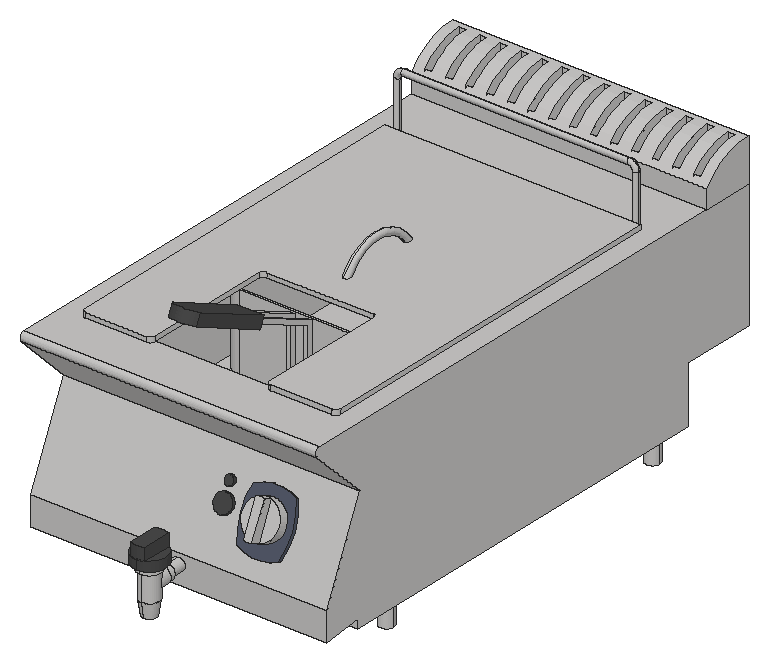
Revit family "QF_ELECTROLUXPROFESSIONAL_371140_E7FRED120N", category Specialty Equipment, Revit 2018
Family settings
  Round Connector Dimension = Use Diameter
  Part Type = Normal
  Work Plane-Based = No
  Always vertical = Yes
  Cut with Voids When Loaded = No
  Shared = No
  Room Calculation Point = No
Parameters
  Width = 400 mm  # constant formula
  Weight in Pounds = 66  # constant formula
  Watts = 5400 VA  # 5400 W
  Volts = 230 V  # constant formula
  URL Cutsheet = "www.electrolux.com/foodservice"
  URL = "www.electrolux.com/foodservice"
  Type Mark [instance] = ""
  Status [instance] = ""
  Specification by User [instance] = ""
  Specification by Manufacturer = ""
  Show Logo [instance] = yes
  Show Clearance [instance] = yes
  Serial Number = ""
  Seismic Rating = ""
  SMACNA No = ""
  Revision Code [instance] = ""
  Phase = 3  # constant formula
  Omniclass Number and Title = ""
  Number of Poles [instance] = 1
  NAFEM Spec ID Number = ""
  Model = "371140"
  Min Ckt Ampacity = 0 A
  Max Overcurrent Protection = 0 A
  Masterspec = ""
  Manufacturer = "ELECTROLUX"
  Item Number [instance] = ""
  Installed By [instance] = ""
  Identify Quantity as Lot [instance] = yes
  Height = 333 mm  # constant formula
  HP = "7.2 HP"
  Furnished By [instance] = ""
  Foodservice Equipment Identifier [instance] = yes
  FL Amps = if(Phase = 3, Watts / (Volts * 1.73), Watts / Volts)  # 13.5712 A
  Electrical Remarks [instance] = "230 V/3 ph/50/60 Hz"  # constant formula
  Electric Connection Type [instance] = ""
  Elec Conn RI Height [instance] = 0 mm
  Elec Conn Connection Height [instance] = 0 mm
  Direct Waste Size = 0"
  Description = "700XP One 7 Lt. Wells Electric Fryer Top - 230V"
  Depth = 730 mm  # constant formula
  Cycle = if([60 Hertz Option], 60 Hz, 50 Hz)  # 60 Hz
  Conn Plug = ""
  Conn Conduit = yes
  CSI MasterFormat = ""
  CSI Master Format = ""
  Base Height [instance] = 25.4 mm  # constant formula
  Apparent Power = if(Phase = 3, Volts * FL Amps * 1.73, Volts * FL Amps)  # 5400 VA
  60 Hertz Option = not([50 Hertz Option])  # yes
  50 Hertz Option = no
Reference planes
  plane 1 "BACK": y = 0
  plane 2: z = 0
  plane 3 "LEFT": x = 0
  plane 4 "RIGHT": x = 400
  plane 5 "FRONT": y = -730
  plane 6 "TOP": z = 333
  plane 7 "Center Y": x = 200
  plane 8 "Center X": y = -365
  plane 9 "BASE": z = 25.4
  plane 10 "TOP A": z = 274.638
  plane 11: y = -597.884
  plane 12: y = -147.637
Forms (mm)
  Extrusion 1, solid, material "QF_Finishes_Stainless Steel"
    sketch origin (0, 0, 0) x (0, 1, 0) y (0, 0, 1)
      loop
        line (0, 274.638) -> (-725.027, 274.638)
        arc (-725.027, 274.638) -> (-730.893, 270.718) -> (-729.517, 263.797) r 6.35
        line (-729.517, 263.797) -> (-657.416, 191.447) -> (-713.522, 70.59) -> (-713.522, 32.49) -> (-660.4, 38.1) -> (-660.4, 25.4) -> (-101.6, 25.4) -> (-101.6, 103.188) -> (0, 103.188) -> (0, 274.638)
    from 0 to 400
  Extrusion 2, solid, material "QF_Finishes_Stainless Steel"
    sketch origin (0, 0, 0) x (0, 1, 0) y (0, 0, 1)
      loop
        line (0, 274.638) -> (0, 333)
        arc (0, 333) -> (-38.795, 324.72) -> (-69.85, 300.038) r 86.758
        line (-69.85, 300.038) -> (-69.85, 274.638) -> (0, 274.638)
    from 0 to 400
  Extrusion 3, void
    sketch origin (0, 0, 274.638) x (-1, 0, 0) y (0, -1, 0)
      loop
        line (-33.338, 147.762) -> (-33.338, 655.762) -> (-366.662, 655.762) -> (-366.662, 147.762) -> (-33.338, 147.762)
    from 0 to -152.4
  Extrusion 4, solid, material "QF_Finishes_Stainless Steel"
    sketch origin (0, 0, 274.638) x (-1, 0, 0) y (0, -1, 0)
      loop
        arc (-26.988, 655.762) -> (-28.847, 660.252) -> (-33.338, 662.112) r 6.35
        line (-33.338, 662.112) -> (-115.863, 662.112)
        arc (-115.863, 662.112) -> (-120.353, 660.252) -> (-122.213, 655.762) r 6.35
        line (-122.213, 655.762) -> (-122.213, 481.137)
        arc (-122.213, 481.137) -> (-124.072, 476.646) -> (-128.563, 474.787) r 6.35
        line (-128.563, 474.787) -> (-271.412, 474.787)
        arc (-271.412, 474.787) -> (-275.903, 476.646) -> (-277.762, 481.137) r 6.35
        line (-277.762, 481.137) -> (-277.762, 655.762)
        arc (-277.762, 655.762) -> (-279.622, 660.252) -> (-284.112, 662.112) r 6.35
        line (-284.112, 662.112) -> (-366.662, 662.112)
        arc (-366.662, 662.112) -> (-371.153, 660.252) -> (-373.012, 655.762) r 6.35
        line (-373.012, 655.762) -> (-373.012, 147.762) -> (-26.988, 147.762) -> (-26.988, 655.762)
    from 0 to 6.35
  Sweep 5, solid, material "QF_Finishes_Stainless Steel"
    path origin (200, 0, 0) x (0, 1, 0) y (0, 0, 1)
      loop
        arc (-323.261, 274.638) -> (-377.7, 308.416) -> (-432.139, 274.638) r 60.757
    profile origin (200, -377.7, 308.416) x (0, 0, -1) y (1, 0, 0)
      loop
        circle (0, 0) r 4.353
  Sweep 6, solid, material "QF_Finishes_Stainless Steel"
    path origin (0, 0, 0) x (1, 0, 0) y (0, 0, 1)
      loop
        line (39.688, 274.263) -> (39.688, 339.35)
        arc (39.688, 339.35) -> (41.547, 343.84) -> (46.038, 345.7) r 6.35
        line (46.038, 345.7) -> (352.25, 345.7)
        arc (352.25, 345.7) -> (356.74, 343.84) -> (358.6, 339.35) r 6.35
        line (358.6, 339.35) -> (358.6, 274.263)
    profile origin (39.688, 0, 306.806) x (-1, 0, 0) y (0, -1, 0)
      loop
        circle (2.09, 140.754) r 3.827
  Extrusion 7, void
    sketch origin (0, 0, 274.638) x (-1, 0, 0) y (0, -1, 0)
      loop
        line (-13.453, 6.761) -> (-13.453, 63.911) -> (-22.749, 63.911) -> (-22.749, 6.761) -> (-13.453, 6.761)
    from 25.4 to 63.5
  Extrusion 8, void
    sketch origin (400.05, 0, 274.638) x (1, 0, 0) y (0, 1, 0)
      loop
        line (-13.503, -6.761) -> (-22.799, -6.761) -> (-22.799, -63.911) -> (-13.503, -63.911) -> (-13.503, -6.761)
    from 25.4 to 63.5
  Extrusion 9, void
    sketch origin (27.988, 0, 274.638) x (-1, 0, 0) y (0, -1, 0)
      loop
        line (-13.453, 6.761) -> (-13.453, 63.911) -> (-22.749, 63.911) -> (-22.749, 6.761) -> (-13.453, 6.761)
    from 25.4 to 63.5
  Extrusion 10, void
    sketch origin (55.977, 0, 274.638) x (-1, 0, 0) y (0, -1, 0)
      loop
        line (-13.453, 6.761) -> (-13.453, 63.911) -> (-22.749, 63.911) -> (-22.749, 6.761) -> (-13.453, 6.761)
    from 25.4 to 63.5
  Extrusion 11, void
    sketch origin (83.965, 0, 274.638) x (-1, 0, 0) y (0, -1, 0)
      loop
        line (-13.428, 6.761) -> (-13.428, 63.911) -> (-22.724, 63.911) -> (-22.724, 6.761) -> (-13.428, 6.761)
    from 25.4 to 63.5
  Extrusion 12, void
    sketch origin (111.953, 0, 274.638) x (-1, 0, 0) y (0, -1, 0)
      loop
        line (-13.428, 6.761) -> (-13.428, 63.911) -> (-22.724, 63.911) -> (-22.724, 6.761) -> (-13.428, 6.761)
    from 25.4 to 63.5
  Extrusion 13, void
    sketch origin (139.942, 0, 274.638) x (-1, 0, 0) y (0, -1, 0)
      loop
        line (-13.428, 6.761) -> (-13.428, 63.911) -> (-22.724, 63.911) -> (-22.724, 6.761) -> (-13.428, 6.761)
    from 25.4 to 63.5
  Extrusion 14, void
    sketch origin (167.93, 0, 274.638) x (-1, 0, 0) y (0, -1, 0)
      loop
        line (-13.428, 6.761) -> (-13.428, 63.911) -> (-22.724, 63.911) -> (-22.724, 6.761) -> (-13.428, 6.761)
    from 25.4 to 63.5
  Extrusion 15, void
    sketch origin (195.918, 0, 274.638) x (-1, 0, 0) y (0, -1, 0)
      loop
        line (-13.428, 6.761) -> (-13.428, 63.911) -> (-22.724, 63.911) -> (-22.724, 6.761) -> (-13.428, 6.761)
    from 25.4 to 63.5
  Extrusion 16, void
    sketch origin (223.907, 0, 274.638) x (-1, 0, 0) y (0, -1, 0)
      loop
        line (-13.428, 6.761) -> (-13.428, 63.911) -> (-22.724, 63.911) -> (-22.724, 6.761) -> (-13.428, 6.761)
    from 25.4 to 63.5
  Extrusion 17, void
    sketch origin (251.895, 0, 274.638) x (-1, 0, 0) y (0, -1, 0)
      loop
        line (-13.428, 6.761) -> (-13.428, 63.911) -> (-22.724, 63.911) -> (-22.724, 6.761) -> (-13.428, 6.761)
    from 25.4 to 63.5
  Extrusion 18, void
    sketch origin (279.884, 0, 274.638) x (-1, 0, 0) y (0, -1, 0)
      loop
        line (-13.403, 6.761) -> (-13.403, 63.911) -> (-22.699, 63.911) -> (-22.699, 6.761) -> (-13.403, 6.761)
    from 25.4 to 63.5
  Extrusion 19, void
    sketch origin (307.872, 0, 274.638) x (-1, 0, 0) y (0, -1, 0)
      loop
        line (-13.403, 6.761) -> (-13.403, 63.911) -> (-22.699, 63.911) -> (-22.699, 6.761) -> (-13.403, 6.761)
    from 25.4 to 63.5
  Extrusion 20, void
    sketch origin (335.86, 0, 274.638) x (-1, 0, 0) y (0, -1, 0)
      loop
        line (-13.403, 6.761) -> (-13.403, 63.911) -> (-22.699, 63.911) -> (-22.699, 6.761) -> (-13.403, 6.761)
    from 25.4 to 63.5
  Extrusion 21, solid, material "QF_Finishes_Stainless Steel"
    sketch origin (0, 0, 0) x (1, 0, 0) y (0, 1, 0)
      loop
        circle (11.112, -147.638) r 9.525
      loop
        circle (11.112, -597.884) r 9.525
      loop
        circle (388.887, -147.638) r 9.525
      loop
        circle (388.887, -597.884) r 9.525
    from 0 to 25.4
  Revolve 22, solid, material "QF_Finishes_Stainless Steel"
    sketch origin (200.025, 0, 0) x (0, 1, 0) y (0, 0, 1)
      loop
        line (-762.926, 17.277) -> (-753.917, 17.277) -> (-750.301, 37.788) -> (-750.301, 74.129) -> (-747.023, 74.129) -> (-747.023, 82.008) -> (-740.673, 82.008) -> (-740.673, 94.708) -> (-762.926, 94.708) -> (-762.926, 17.277)
      axis (-762.926, 17.277) -> (-762.926, 94.708)
    angle from 0 to 360
  Revolve 23, solid, material "QF_Finishes_Stainless Steel"
    sketch origin (200.025, 0, 0) x (0, 1, 0) y (0, 0, 1)
      loop
        line (-713.522, 57.15) -> (-764.322, 57.15) -> (-764.322, 44.847) -> (-742.357, 44.847) -> (-742.357, 46.549) -> (-733.364, 46.549) -> (-733.364, 48.596) -> (-713.522, 48.596) -> (-713.522, 57.15)
      axis (-764.322, 57.15) -> (-713.522, 57.15)
    angle from 0 to 360
  Extrusion 24, solid, material "QF_Finishes_Black"
    sketch origin (200.025, -762.926, 94.708) x (0, 1, 0) y (-1, 0, 0)
      loop
        line (20.063, 9.626) -> (-20.063, 9.626)
        arc (-20.063, 9.626) -> (-22.253, 0) -> (-20.063, -9.626) r 22.253
        line (-20.063, -9.626) -> (20.063, -9.626)
        arc (20.063, -9.626) -> (22.253, 0) -> (20.063, 9.626) r 22.253
    from 0 to 16.412
  Extrusion 25, solid, material "QF_Finishes_Stainless Steel"
    sketch origin (0, -101.6, 103.188) x (0, 0, -1) y (-1, 0, 0)
      loop
        circle (43.882, -336.5) r 12.7
    from 0 to 12.7
  Extrusion 26, solid, material "QF_Finishes_Clearance", visible <- "Show Clearance", detail levels coarse
    sketch origin (0, 0, 0) x (1, 0, 0) y (0, 1, 0)
      loop
        line (0, -731.377) -> (0, 0) -> (400, 0) -> (400, -731.377) -> (550.019, -731.377) -> (550.019, 150.019) -> (-150.019, 150.019) -> (-150.019, -731.377) -> (0, -731.377)
    from 0 to 333
  Extrusion 27, solid, material "QF_Finishes_Black"
    sketch origin (265.962, -708.83, 366.66) x (0, 0.906308, -0.422618) y (-1, 0, 0)
      loop
        line (10.103, 47.345) -> (128.716, 47.345) -> (128.716, 84.58) -> (10.103, 84.58)
        arc (10.103, 84.58) -> (-0.124, 65.962) -> (10.103, 47.345) r 22.059
    from -15.884 to 0
  Extrusion 28, solid, material "QF_Finishes_Stainless Steel"
    sketch origin (265.962, 41.275, 0) x (0, 1, 0) y (0, 0, 1)
      loop
        line (-547.91, 165.638) -> (-547.91, 267.115) -> (-635.463, 307.942) -> (-638.147, 302.187) -> (-554.26, 263.07) -> (-554.26, 165.638) -> (-547.91, 165.638)
    from -80.476 to -74.619
  Extrusion 29, solid, material "QF_Finishes_Stainless Steel"
    sketch origin (134.088, 41.275, 0) x (0, 1, 0) y (0, 0, -1)
      loop
        line (-554.26, -263.07) -> (-638.147, -302.187) -> (-635.463, -307.942) -> (-547.91, -267.115) -> (-547.91, -165.638) -> (-554.26, -165.638) -> (-554.26, -263.07)
    from -80.476 to -74.619
  Extrusion 30, solid, material "QF_Finishes_Mesh"
    sketch origin (0, 0, 274.638) x (-1, 0, 0) y (0, -1, 0)
      loop
        arc (-116.6, 189.135) -> (-98.64, 196.575) -> (-91.2, 214.535) r 25.4
        line (-91.2, 214.535) -> (-91.2, 481.11)
        arc (-91.2, 481.11) -> (-98.64, 499.071) -> (-116.6, 506.51) r 25.4
        line (-116.6, 506.51) -> (-294.375, 506.51)
        arc (-294.375, 506.51) -> (-312.336, 499.071) -> (-319.775, 481.11) r 25.4
        line (-319.775, 481.11) -> (-319.775, 214.535)
        arc (-319.775, 214.535) -> (-312.336, 196.575) -> (-294.375, 189.135) r 25.4
        line (-294.375, 189.135) -> (-116.6, 189.135)
      loop
        arc (-116.6, 192.31) -> (-100.885, 198.82) -> (-94.375, 214.535) r 22.225
        line (-94.375, 214.535) -> (-94.375, 481.11)
        arc (-94.375, 481.11) -> (-100.885, 496.826) -> (-116.6, 503.335) r 22.225
        line (-116.6, 503.335) -> (-294.375, 503.335)
        arc (-294.375, 503.335) -> (-310.091, 496.826) -> (-316.6, 481.11) r 22.225
        line (-316.6, 481.11) -> (-316.6, 214.535)
        arc (-316.6, 214.535) -> (-310.091, 198.82) -> (-294.375, 192.31) r 22.225
        line (-294.375, 192.31) -> (-116.6, 192.31)
    from -109 to -5.315
  Extrusion 31, solid, material "QF_Finishes_Navy Blue"
    sketch origin (460.325, -713.522, 70.59) x (0, 0.421077, 0.907025) y (-1, 0, 0)
      loop
        arc (101.077, 132.565) -> (107.792, 161.14) -> (101.077, 189.715) r 64.16
        arc (101.077, 189.715) -> (66.2, 196.736) -> (31.333, 189.671) r 89.853
        arc (31.333, 189.671) -> (24.638, 161.14) -> (31.333, 132.61) r 64.14
        arc (31.333, 132.61) -> (66.2, 125.548) -> (101.077, 132.565) r 89.894
    from 0 to 3.175
  Extrusion 32, solid, material "QF_Finishes_Stainless Steel"
    sketch origin (460.325, -716.402, 71.927) x (0, 0.421077, 0.907025) y (-1, 0, 0)
      loop
        circle (68.826, 160.963) r 25.4
    from 0 to 12.7
  Extrusion 33, solid, material "QF_Finishes_Stainless Steel"
    sketch origin (460.325, -727.921, 77.275) x (0, 0.421077, 0.907025) y (-1, 0, 0)
      loop
        line (93.558, 166.749) -> (44.094, 166.749)
        arc (44.094, 166.749) -> (43.426, 160.963) -> (44.094, 155.177) r 25.4
        line (44.094, 155.177) -> (93.558, 155.177)
        arc (93.558, 155.177) -> (94.226, 160.963) -> (93.558, 166.749) r 25.4
    from 0 to 12.7
  Extrusion 34, solid, material "QF_Finishes_Black"
    sketch origin (400, -713.522, 70.59) x (0, 0.421077, 0.907025) y (-1, 0, 0)
      loop
        circle (93.566, 160.648) r 6.35
    from 0 to 3.175
  Extrusion 35, solid, material "QF_Finishes_Black"
    sketch origin (400, -713.522, 70.59) x (0, 0.421077, 0.907025) y (-1, 0, 0)
      loop
        circle (68.272, 160.648) r 12.7
    from 0 to 3.175
Cuts and joins
  Extrusion 3, Extrusion 7 cuts Extrusion 1
  joined: Extrusion 4, Sweep 5
  Extrusion 7, Extrusion 8, Extrusion 9, Extrusion 10, Extrusion 11, Extrusion 12, Extrusion 13, Extrusion 14, Extrusion 15, Extrusion 16, Extrusion 17, Extrusion 18, Extrusion 19, Extrusion 20 cuts Extrusion 2
Lines and regions (mm)
  symbolic lines, style "QF-Clearances", visible <- "Show Clearance", detail levels coarse
    curve 1: line (-150.019, 150.019, 274.638) -> (-150.019, -731.377, 274.638)
    curve 2: line (550.019, 150.019, 274.638) -> (-150.019, 150.019, 274.638)
    curve 3: line (550.019, -731.377, 274.638) -> (550.019, 150.019, 274.638)
  symbolic lines
    curve 4: line (0, 0, 274.638) -> (400, 0, 274.638)
    curve 5: line (0, -730, 274.638) -> (0, 0, 274.638)
    curve 6: line (400, 0, 274.638) -> (400, -730, 274.638)
    curve 7: line (22.724, -6.761, 274.638) -> (22.724, -63.911, 274.638)
    curve 8: line (22.724, -63.911, 274.638) -> (13.428, -63.911, 274.638)
    curve 9: line (13.428, -63.911, 274.638) -> (13.428, -6.761, 274.638)
    curve 10: line (13.428, -6.761, 274.638) -> (22.724, -6.761, 274.638)
    curve 11: line (386.547, -6.761, 274.638) -> (386.547, -63.911, 274.638)
    curve 12: line (386.547, -63.911, 274.638) -> (377.251, -63.911, 274.638)
    curve 13: line (377.251, -63.911, 274.638) -> (377.251, -6.761, 274.638)
    curve 14: line (377.251, -6.761, 274.638) -> (386.547, -6.761, 274.638)
    curve 15: line (50.712, -6.761, 274.638) -> (50.712, -63.911, 274.638)
    curve 16: line (50.712, -63.911, 274.638) -> (41.416, -63.911, 274.638)
    curve 17: line (41.416, -63.911, 274.638) -> (41.416, -6.761, 274.638)
    curve 18: line (41.416, -6.761, 274.638) -> (50.712, -6.761, 274.638)
    curve 19: line (78.7, -6.761, 274.638) -> (78.7, -63.911, 274.638)
    curve 20: line (78.7, -63.911, 274.638) -> (69.405, -63.911, 274.638)
    curve 21: line (69.405, -63.911, 274.638) -> (69.405, -6.761, 274.638)
    curve 22: line (69.405, -6.761, 274.638) -> (78.7, -6.761, 274.638)
    curve 23: line (106.689, -6.761, 274.638) -> (106.689, -63.911, 274.638)
    curve 24: line (106.689, -63.911, 274.638) -> (97.393, -63.911, 274.638)
    curve 25: line (97.393, -63.911, 274.638) -> (97.393, -6.761, 274.638)
    curve 26: line (97.393, -6.761, 274.638) -> (106.689, -6.761, 274.638)
    curve 27: line (134.677, -6.761, 274.638) -> (134.677, -63.911, 274.638)
    curve 28: line (134.677, -63.911, 274.638) -> (125.381, -63.911, 274.638)
    curve 29: line (125.381, -63.911, 274.638) -> (125.381, -6.761, 274.638)
    curve 30: line (125.381, -6.761, 274.638) -> (134.677, -6.761, 274.638)
    curve 31: line (162.665, -6.761, 274.638) -> (162.665, -63.911, 274.638)
    curve 32: line (162.665, -63.911, 274.638) -> (153.37, -63.911, 274.638)
    curve 33: line (153.37, -63.911, 274.638) -> (153.37, -6.761, 274.638)
    curve 34: line (153.37, -6.761, 274.638) -> (162.665, -6.761, 274.638)
    curve 35: line (190.654, -6.761, 274.638) -> (190.654, -63.911, 274.638)
    curve 36: line (190.654, -63.911, 274.638) -> (181.358, -63.911, 274.638)
    curve 37: line (181.358, -63.911, 274.638) -> (181.358, -6.761, 274.638)
    curve 38: line (181.358, -6.761, 274.638) -> (190.654, -6.761, 274.638)
    curve 39: line (218.642, -6.761, 274.638) -> (218.642, -63.911, 274.638)
    curve 40: line (218.642, -63.911, 274.638) -> (209.346, -63.911, 274.638)
    curve 41: line (209.346, -63.911, 274.638) -> (209.346, -6.761, 274.638)
    curve 42: line (209.346, -6.761, 274.638) -> (218.642, -6.761, 274.638)
    curve 43: line (246.605, -6.761, 274.638) -> (246.605, -63.911, 274.638)
    curve 44: line (246.605, -63.911, 274.638) -> (237.31, -63.911, 274.638)
    curve 45: line (237.31, -63.911, 274.638) -> (237.31, -6.761, 274.638)
    curve 46: line (237.31, -6.761, 274.638) -> (246.605, -6.761, 274.638)
    curve 47: line (274.594, -6.761, 274.638) -> (274.594, -63.911, 274.638)
    curve 48: line (274.594, -63.911, 274.638) -> (265.298, -63.911, 274.638)
    curve 49: line (265.298, -63.911, 274.638) -> (265.298, -6.761, 274.638)
    curve 50: line (265.298, -6.761, 274.638) -> (274.594, -6.761, 274.638)
    curve 51: line (302.582, -6.761, 274.638) -> (302.582, -63.911, 274.638)
    curve 52: line (302.582, -63.911, 274.638) -> (293.286, -63.911, 274.638)
    curve 53: line (293.286, -63.911, 274.638) -> (293.286, -6.761, 274.638)
    curve 54: line (293.286, -6.761, 274.638) -> (302.582, -6.761, 274.638)
    curve 55: line (330.57, -6.761, 274.638) -> (330.57, -63.911, 274.638)
    curve 56: line (330.57, -63.911, 274.638) -> (321.275, -63.911, 274.638)
    curve 57: line (321.275, -63.911, 274.638) -> (321.275, -6.761, 274.638)
    curve 58: line (321.275, -6.761, 274.638) -> (330.57, -6.761, 274.638)
    curve 59: line (358.559, -6.761, 274.638) -> (358.559, -63.911, 274.638)
    curve 60: line (358.559, -63.911, 274.638) -> (349.263, -63.911, 274.638)
    curve 61: line (349.263, -63.911, 274.638) -> (349.263, -6.761, 274.638)
    curve 62: line (349.263, -6.761, 274.638) -> (358.559, -6.761, 274.638)
    curve 63: line (26.988, -147.762, 274.638) -> (26.988, -655.762, 274.638)
    curve 64: arc (26.988, -655.762, 274.638) -> (28.847, -660.252, 274.638) -> (33.338, -662.112, 274.638) r 6.35
    curve 65: line (33.338, -662.112, 274.638) -> (115.863, -662.112, 274.638)
    curve 66: arc (115.863, -662.112, 274.638) -> (120.353, -660.252, 274.638) -> (122.213, -655.762, 274.638) r 6.35
    curve 67: line (122.213, -655.762, 274.638) -> (122.213, -481.012, 274.638)
    curve 68: arc (122.213, -481.012, 274.638) -> (124.072, -476.521, 274.638) -> (128.563, -474.662, 274.638) r 6.35
    curve 69: line (128.563, -474.662, 274.638) -> (271.412, -474.662, 274.638)
    curve 70: arc (271.412, -474.662, 274.638) -> (275.903, -476.521, 274.638) -> (277.762, -481.012, 274.638) r 6.35
    curve 71: line (277.762, -481.012, 274.638) -> (277.762, -655.762, 274.638)
    curve 72: arc (277.762, -655.762, 274.638) -> (279.622, -660.252, 274.638) -> (284.112, -662.112, 274.638) r 6.35
    curve 73: line (284.112, -662.112, 274.638) -> (366.662, -662.112, 274.638)
    curve 74: arc (366.662, -662.112, 274.638) -> (371.153, -660.252, 274.638) -> (373.012, -655.762, 274.638) r 6.35
    curve 75: line (373.012, -655.762, 274.638) -> (373.012, -147.762, 274.638)
    curve 76: line (373.012, -147.762, 274.638) -> (26.988, -147.762, 274.638)
    curve 77: line (31.725, -69.85, 274.638) -> (0, -69.85, 274.638)
    curve 78: line (0, -69.85, 274.638) -> (0, -120.65, 274.638)
    curve 79: line (0, -69.85, 274.638) -> (400, -69.85, 274.638)
    curve 80: line (201.587, -147.762, 274.638) -> (366.662, -147.762, 274.638)
    curve 81: line (33.338, -147.762, 274.638) -> (198.412, -147.762, 274.638)
    curve 82: line (218.617, -706.386, 274.638) -> (218.617, -592.174, 274.638)
    curve 83: line (181.383, -592.174, 274.638) -> (181.383, -706.386, 274.638)
    curve 84: line (218.617, -592.174, 274.638) -> (181.383, -592.174, 274.638)
    curve 85: spline (218.617, -706.386, 274.638) -> (216.385, -709.048, 274.638) -> (213.694, -711.336, 274.638) -> (210.621, -713.185, 274.638) -> (207.25, -714.544, 274.638) -> (203.676, -715.375, 274.638) -> (200, -715.655, 274.638) -> (196.324, -715.375, 274.638) -> (192.75, -714.544, 274.638) -> (189.379, -713.185, 274.638) -> (186.306, -711.336, 274.638) -> (183.615, -709.048, 274.638) -> (181.383, -706.386, 274.638)
    curve 86: line (218.617, -655.762, 274.638) -> (277.762, -655.762, 274.638)
    curve 87: line (181.383, -655.762, 274.638) -> (122.213, -655.762, 274.638)
    curve 88: line (191.318, -506.51, 274.638) -> (191.318, -592.174, 274.638)
    curve 89: line (185.462, -592.174, 274.638) -> (185.462, -506.51, 274.638)
    curve 90: line (214.538, -506.51, 274.638) -> (214.538, -592.174, 274.638)
    curve 91: line (208.682, -592.174, 274.638) -> (208.682, -506.51, 274.638)
    curve 92: spline (181.383, -699.673, 274.638) -> (183.615, -702.336, 274.638) -> (186.306, -704.623, 274.638) -> (189.379, -706.473, 274.638) -> (192.75, -707.832, 274.638) -> (196.324, -708.663, 274.638) -> (200, -708.942, 274.638) -> (203.676, -708.663, 274.638) -> (207.25, -707.832, 274.638) -> (210.621, -706.473, 274.638) -> (213.694, -704.623, 274.638) -> (216.385, -702.336, 274.638) -> (218.617, -699.673, 274.638)
    curve 93: line (195.545, -428.432, 274.638) -> (195.545, -326.969, 274.638)
    curve 94: line (204.443, -326.969, 274.638) -> (204.443, -428.432, 274.638)
    curve 95: arc (195.545, -428.432, 274.638) -> (199.994, -432.882, 274.638) -> (204.443, -428.432, 274.638) r 4.449
    curve 96: arc (195.545, -326.969, 274.638) -> (199.994, -322.52, 274.638) -> (204.443, -326.969, 274.638) r 4.449
    curve 97: line (400, -730, 274.638) -> (0, -730, 274.638)
    curve 98: line (37.598, -136.927, 274.638) -> (362.402, -136.927, 274.638)
    curve 99: line (37.598, -144.582, 274.638) -> (37.598, -136.927, 274.638)
    curve 100: line (362.402, -144.582, 274.638) -> (37.598, -144.582, 274.638)
    curve 101: line (362.402, -136.927, 274.638) -> (362.402, -144.582, 274.638)
    curve 102: line (122.213, -506.51, 274.638) -> (277.762, -506.51, 274.638)
    curve 103: line (122.213, -503.335, 274.638) -> (277.762, -503.335, 274.638)
    curve 104: arc (200, -785.179, 274.638) -> (222.253, -762.926, 274.638) -> (200, -740.673, 274.638) r 22.253
    curve 105: arc (200, -740.673, 274.638) -> (177.747, -762.926, 274.638) -> (200, -785.179, 274.638) r 22.253
    curve 106: line (190.374, -742.863, 274.638) -> (190.374, -782.989, 274.638)
    curve 107: line (209.626, -782.989, 274.638) -> (209.626, -742.863, 274.638)
    curve 108: line (210.947, -743.552, 274.638) -> (210.947, -730, 274.638)
    curve 109: line (189.208, -743.465, 274.638) -> (189.208, -730, 274.638)
Dimensions and locks
  equal spacing: plane 3 "LEFT", plane 7 "Center Y", plane 4 "RIGHT"
  "Width": plane 3 "LEFT" to plane 4 "RIGHT"
  equal spacing: plane 5 "FRONT", plane 8 "Center X", plane 1 "BACK"
  "Depth": plane 5 "FRONT" to plane 1 "BACK"
  "Height": plane 6 "TOP" to level
  "Base Height": plane 9 "BASE" to level
  plane 1 "BACK" to plane 5 "FRONT" = 730 mm
  plane 10 "TOP A" to plane 9 "BASE" = 249.238 mm
  aligned and locked: level to plane 2
  aligned and locked: plane 4 "RIGHT" to Extrusion 1
  aligned and locked: plane 4 "RIGHT" to Extrusion 2
  aligned and locked: plane 9 "BASE" to Extrusion 21
  aligned and locked: plane 6 "TOP" to Extrusion 26
Automatic sketch dimensions
  Extrusion 1 sketch curve to plane 10 "TOP A" = 0 mm
  Extrusion 1 sketch curve to plane 9 "BASE" = 0 mm
  Extrusion 1 sketch curve to plane 1 "BACK" = 0 mm
  Extrusion 1 sketch curve to plane 12 = 46.037 mm
  plane 11 to Extrusion 1 sketch curve = 59.531 mm
  plane 9 "BASE" to Extrusion 1 sketch curve = 12.7 mm
  plane 11 to Extrusion 1 sketch curve = 62.516 mm
  Extrusion 1 sketch curve to plane 5 "FRONT" = 16.478 mm
  Extrusion 1 sketch curve to plane 5 "FRONT" = 4.973 mm
  Extrusion 1 sketch curve to plane 5 "FRONT" = 0.483 mm
  plane 9 "BASE" to Extrusion 1 sketch curve = 7.09 mm
  Extrusion 1 sketch curve to Extrusion 1 sketch curve = 38.1 mm
  plane 9 "BASE" to Extrusion 1 sketch curve = 77.788 mm
  Extrusion 1 sketch curve to plane 10 "TOP A" = 83.191 mm
  Extrusion 1 sketch curve to plane 10 "TOP A" = 10.84 mm
  Extrusion 2 sketch curve to plane 10 "TOP A" = 0 mm
  Extrusion 2 sketch curve to plane 1 "BACK" = 0 mm
  Extrusion 2 sketch curve to plane 6 "TOP" = 0 mm
  plane 1 "BACK" to Extrusion 2 sketch curve = 1.769 mm
  plane 10 "TOP A" to Extrusion 2 sketch curve = 25.4 mm
  plane 1 "BACK" to Extrusion 2 sketch curve = 69.85 mm
  plane 12 to Extrusion 3 sketch curve = 0.124 mm
  Extrusion 3 sketch curve to plane 4 "RIGHT" = 33.338 mm
  plane 3 "LEFT" to Extrusion 3 sketch curve = 33.338 mm
  plane 11 to Extrusion 3 sketch curve = 57.877 mm
  plane 12 to Extrusion 4 sketch curve = 0.124 mm
  Extrusion 4 sketch curve to plane 4 "RIGHT" = 26.988 mm
  Extrusion 4 sketch curve to Extrusion 4 sketch curve = 6.35 mm  (x3)
  Extrusion 4 sketch curve to Extrusion 4 sketch curve = 82.55 mm
  plane 7 "Center Y" to Extrusion 4 sketch curve = 77.762 mm
  Extrusion 4 sketch curve to plane 7 "Center Y" = 71.437 mm
  Extrusion 4 sketch curve to plane 7 "Center Y" = 77.787 mm
  plane 3 "LEFT" to Extrusion 4 sketch curve = 33.338 mm
  plane 3 "LEFT" to Extrusion 4 sketch curve = 26.988 mm
  Extrusion 4 sketch curve to plane 8 "Center X" = 109.787 mm
  plane 11 to Extrusion 4 sketch curve = 57.877 mm  (x2)
  Sweep 5 sketch curve to plane 10 "TOP A" = 0 mm  (x2)
  Sweep 5 sketch curve to plane 8 "Center X" = 67.139 mm
  Sweep 5 sketch curve to plane 8 "Center X" = 12.7 mm
  Sweep 5 sketch curve to plane 10 "TOP A" = 26.978 mm
  Sweep 5 sketch curve to plane 7 "Center Y" = 0 mm
  Sweep 5 sketch curve to profile plane = 0 mm
  plane 6 "TOP" to Sweep 6 sketch curve = 6.35 mm  (x2)
  plane 3 "LEFT" to Sweep 6 sketch curve = 39.688 mm
  Sweep 6 sketch curve to Sweep 6 sketch curve = 6.35 mm
  Sweep 6 sketch curve to plane 4 "RIGHT" = 47.75 mm
  Sweep 6 sketch curve to plane 10 "TOP A" = 0.375 mm  (x2)
  Sweep 6 sketch curve to profile plane = 2.09 mm
  plane 1 "BACK" to Sweep 6 sketch curve = 140.754 mm
  plane 1 "BACK" to Extrusion 7 sketch curve = 6.761 mm
  plane 3 "LEFT" to Extrusion 7 sketch curve = 22.749 mm
  Extrusion 7 sketch curve to Extrusion 7 sketch curve = 9.296 mm
  Extrusion 7 sketch curve to Extrusion 7 sketch curve = 57.15 mm
  Extrusion 8 sketch curve to plane 1 "BACK" = 6.761 mm
  plane 4 "RIGHT" to Extrusion 8 sketch curve = 22.749 mm
  Extrusion 8 sketch curve to Extrusion 8 sketch curve = 9.296 mm
  Extrusion 8 sketch curve to Extrusion 8 sketch curve = 57.15 mm
  plane 1 "BACK" to Extrusion 9 sketch curve = 6.761 mm
  plane 3 "LEFT" to Extrusion 9 sketch curve = 50.737 mm
  Extrusion 9 sketch curve to Extrusion 9 sketch curve = 9.296 mm
  Extrusion 9 sketch curve to Extrusion 9 sketch curve = 57.15 mm
  plane 1 "BACK" to Extrusion 10 sketch curve = 6.761 mm
  plane 3 "LEFT" to Extrusion 10 sketch curve = 78.725 mm
  Extrusion 10 sketch curve to Extrusion 10 sketch curve = 9.296 mm
  Extrusion 10 sketch curve to Extrusion 10 sketch curve = 57.15 mm
  plane 1 "BACK" to Extrusion 11 sketch curve = 6.761 mm
  Extrusion 11 sketch curve to plane 7 "Center Y" = 93.311 mm
  Extrusion 11 sketch curve to Extrusion 11 sketch curve = 9.296 mm
  Extrusion 11 sketch curve to Extrusion 11 sketch curve = 57.15 mm
  plane 1 "BACK" to Extrusion 12 sketch curve = 6.761 mm
  Extrusion 12 sketch curve to plane 7 "Center Y" = 65.323 mm
  Extrusion 12 sketch curve to Extrusion 12 sketch curve = 9.296 mm
  Extrusion 12 sketch curve to Extrusion 12 sketch curve = 57.15 mm
  plane 1 "BACK" to Extrusion 13 sketch curve = 6.761 mm
  Extrusion 13 sketch curve to plane 7 "Center Y" = 37.335 mm
  Extrusion 13 sketch curve to Extrusion 13 sketch curve = 9.296 mm
  Extrusion 13 sketch curve to Extrusion 13 sketch curve = 57.15 mm
  Extrusion 14 sketch curve to plane 7 "Center Y" = 9.346 mm
  Extrusion 14 sketch curve to Extrusion 14 sketch curve = 9.296 mm
  plane 1 "BACK" to Extrusion 14 sketch curve = 6.761 mm
  Extrusion 14 sketch curve to Extrusion 14 sketch curve = 57.15 mm
  plane 1 "BACK" to Extrusion 15 sketch curve = 6.761 mm
  plane 7 "Center Y" to Extrusion 15 sketch curve = 18.642 mm
  Extrusion 15 sketch curve to Extrusion 15 sketch curve = 9.296 mm
  Extrusion 15 sketch curve to Extrusion 15 sketch curve = 57.15 mm
  plane 1 "BACK" to Extrusion 16 sketch curve = 6.761 mm
  plane 7 "Center Y" to Extrusion 16 sketch curve = 46.63 mm
  Extrusion 16 sketch curve to Extrusion 16 sketch curve = 9.296 mm
  Extrusion 16 sketch curve to Extrusion 16 sketch curve = 57.15 mm
  plane 1 "BACK" to Extrusion 17 sketch curve = 6.761 mm
  plane 7 "Center Y" to Extrusion 17 sketch curve = 74.619 mm
  Extrusion 17 sketch curve to Extrusion 17 sketch curve = 9.296 mm
  Extrusion 17 sketch curve to Extrusion 17 sketch curve = 57.15 mm
  plane 1 "BACK" to Extrusion 18 sketch curve = 6.761 mm
  Extrusion 18 sketch curve to plane 4 "RIGHT" = 97.418 mm
  Extrusion 18 sketch curve to Extrusion 18 sketch curve = 9.296 mm
  Extrusion 18 sketch curve to Extrusion 18 sketch curve = 57.15 mm
  plane 1 "BACK" to Extrusion 19 sketch curve = 6.761 mm
  Extrusion 19 sketch curve to plane 4 "RIGHT" = 69.43 mm
  Extrusion 19 sketch curve to Extrusion 19 sketch curve = 9.296 mm
  Extrusion 19 sketch curve to Extrusion 19 sketch curve = 57.15 mm
  plane 1 "BACK" to Extrusion 20 sketch curve = 6.761 mm
  Extrusion 20 sketch curve to plane 4 "RIGHT" = 41.441 mm
  Extrusion 20 sketch curve to Extrusion 20 sketch curve = 9.296 mm
  Extrusion 20 sketch curve to Extrusion 20 sketch curve = 57.15 mm
  plane 11 to Extrusion 21 sketch curve = 0 mm  (x2)
  plane 12 to Extrusion 21 sketch curve = 0 mm  (x2)
  plane 3 "LEFT" to Extrusion 21 sketch curve = 11.112 mm  (x2)
  Extrusion 21 sketch curve to plane 4 "RIGHT" = 11.113 mm  (x2)
  Revolve 22 sketch curve to plane 9 "BASE" = 8.123 mm
  plane 5 "FRONT" to Revolve 22 sketch curve = 32.926 mm
  Revolve 22 sketch curve to Revolve 22 sketch curve = 0 mm
  Revolve 22 sketch curve to Revolve 22 sketch curve = 9.009 mm
  plane 5 "FRONT" to Revolve 22 sketch curve = 20.301 mm
  Revolve 22 sketch curve to Revolve 22 sketch curve = 3.277 mm
  Revolve 22 sketch curve to Revolve 22 sketch curve = 6.35 mm
  plane 9 "BASE" to Revolve 22 sketch curve = 12.388 mm
  Revolve 22 sketch curve to Revolve 22 sketch curve = 36.341 mm
  Revolve 22 sketch curve to Revolve 22 sketch curve = 7.879 mm
  Revolve 22 sketch curve to Revolve 22 sketch curve = 12.7 mm  (x2)
  Revolve 22 sketch curve to Revolve 22 sketch curve = 15.064 mm
  plane 5 "FRONT" to Revolve 23 sketch curve = 34.322 mm
  plane 5 "FRONT" to Revolve 23 sketch curve = 12.357 mm
  plane 5 "FRONT" to Revolve 23 sketch curve = 3.364 mm
  Revolve 23 sketch curve to plane 5 "FRONT" = 16.478 mm
  Revolve 23 sketch curve to Revolve 23 sketch curve = 0 mm  (x2)
  Revolve 23 sketch curve to Revolve 23 sketch curve = 9.137 mm
  plane 9 "BASE" to Revolve 23 sketch curve = 19.447 mm
  Revolve 23 sketch curve to Revolve 23 sketch curve = 1.702 mm
  Revolve 23 sketch curve to Revolve 23 sketch curve = 2.047 mm
  Revolve 23 sketch curve to Revolve 23 sketch curve = 12.303 mm
  Extrusion 24 sketch curve to Revolve 22 = 9.626 mm
  Revolve 22 to Extrusion 24 sketch curve = 9.626 mm
  Extrusion 24 sketch curve to Extrusion 24 sketch curve = 0 mm
  Extrusion 1 to Extrusion 25 sketch curve = 33.906 mm
  Extrusion 1 to Extrusion 25 sketch curve = 63.5 mm
  plane 1 "BACK" to Extrusion 26 sketch curve = 0 mm
  Extrusion 26 sketch curve to plane 3 "LEFT" = 0 mm
  Extrusion 26 sketch curve to plane 4 "RIGHT" = 0 mm
  Extrusion 26 sketch curve to plane 3 "LEFT" = 150.019 mm
  plane 5 "FRONT" to Extrusion 26 sketch curve = 1.377 mm  (x2)
  plane 4 "RIGHT" to Extrusion 26 sketch curve = 150.019 mm
  Extrusion 26 sketch curve to plane 1 "BACK" = 150.019 mm
  curve 104 to curve 105 = 0 mm  (x2)
  curve 6 to plane 4 "RIGHT" = 0 mm
  plane 5 "FRONT" to curve 108 = 0 mm
  curve 104 to plane 7 "Center Y" = 0 mm
  curve 92 to plane 7 "Center Y" = 0 mm
  curve 85 to plane 7 "Center Y" = 0 mm
  curve 78 to plane 3 "LEFT" = 0 mm
  curve 79 to plane 3 "LEFT" = 0 mm
  plane 1 "BACK" to curve 5 = 0 mm
  plane 4 "RIGHT" to curve 3 = 150.019 mm
  curve 11 to plane 4 "RIGHT" = 13.453 mm
  curve 11 to curve 13 = 9.296 mm
  curve 75 to plane 4 "RIGHT" = 26.988 mm
  curve 74 to curve 73 = 6.35 mm
  plane 12 to curve 80 = 0.124 mm
  curve 75 to curve 80 = 6.35 mm
  curve 80 to curve 98 = 4.26 mm
  curve 12 to curve 59 = 18.693 mm
  curve 59 to curve 60 = 9.296 mm
  curve 60 to curve 56 = 18.693 mm
  curve 55 to curve 57 = 9.296 mm
  plane 1 "BACK" to curve 51 = 6.761 mm
  curve 57 to curve 51 = 18.693 mm
  curve 51 to curve 53 = 9.296 mm
  curve 74 to curve 72 = 82.55 mm
  curve 72 to curve 72 = 6.35 mm
  curve 52 to curve 47 = 18.693 mm
  curve 70 to curve 70 = 6.35 mm
  curve 47 to curve 50 = 9.296 mm
  plane 1 "BACK" to curve 46 = 6.761 mm
  curve 49 to curve 46 = 18.693 mm
  curve 43 to curve 44 = 9.296 mm
  plane 7 "Center Y" to curve 85 = 22.059 mm
  curve 92 to curve 85 = 0 mm
  plane 7 "Center Y" to curve 40 = 18.642 mm
  curve 85 to curve 82 = 3.442 mm
  curve 82 to curve 90 = 4.079 mm
  plane 7 "Center Y" to curve 108 = 10.947 mm
  plane 7 "Center Y" to curve 107 = 9.626 mm
  curve 39 to curve 41 = 9.296 mm
  curve 90 to curve 91 = 5.857 mm
  plane 7 "Center Y" to curve 96 = 4.443 mm
  plane 7 "Center Y" to curve 80 = 1.587 mm
  curve 95 to plane 7 "Center Y" = 0.006 mm
  plane 12 to curve 81 = 0.124 mm
  curve 81 to plane 7 "Center Y" = 1.588 mm
  curve 88 to plane 7 "Center Y" = 8.682 mm
  curve 36 to plane 7 "Center Y" = 9.346 mm
  curve 106 to plane 7 "Center Y" = 9.626 mm
  curve 109 to plane 7 "Center Y" = 10.792 mm
  curve 88 to curve 89 = 5.857 mm
  curve 89 to curve 83 = 4.079 mm
  curve 35 to curve 37 = 9.296 mm
  plane 1 "BACK" to curve 34 = 6.761 mm
  curve 37 to curve 34 = 18.693 mm
  curve 31 to curve 33 = 9.296 mm
  curve 32 to curve 27 = 18.693 mm
  curve 89 to curve 69 = 56.899 mm
  curve 27 to curve 30 = 9.296 mm
  curve 87 to curve 67 = 59.17 mm
  curve 67 to curve 65 = 6.35 mm
  plane 1 "BACK" to curve 26 = 6.761 mm
  curve 29 to curve 26 = 18.693 mm
  curve 23 to curve 25 = 9.296 mm
  curve 24 to curve 20 = 18.693 mm
  curve 19 to curve 21 = 9.296 mm
  curve 20 to curve 15 = 18.693 mm
  curve 15 to curve 18 = 9.296 mm
  curve 98 to plane 12 = 10.711 mm
  plane 3 "LEFT" to curve 98 = 37.598 mm
  plane 3 "LEFT" to curve 64 = 33.338 mm
  curve 99 to curve 81 = 4.26 mm
  curve 16 to curve 77 = 9.691 mm
  curve 64 to curve 63 = 6.35 mm
  plane 1 "BACK" to curve 7 = 6.761 mm
  curve 17 to curve 7 = 18.693 mm
  curve 7 to curve 9 = 9.296 mm
  plane 5 "FRONT" to curve 1 = 1.377 mm
  curve 1 to plane 3 "LEFT" = 150.019 mm
  curve 2 to plane 1 "BACK" = 150.019 mm
  plane 1 "BACK" to curve 61 = 6.761 mm
  plane 1 "BACK" to curve 58 = 6.761 mm
  plane 1 "BACK" to curve 11 = 6.761 mm
  plane 1 "BACK" to curve 15 = 6.761 mm
  plane 1 "BACK" to curve 50 = 6.761 mm
  plane 1 "BACK" to curve 19 = 6.761 mm
  plane 1 "BACK" to curve 42 = 6.761 mm
  plane 1 "BACK" to curve 27 = 6.761 mm
  plane 1 "BACK" to curve 38 = 6.761 mm
  curve 33 to curve 33 = 57.15 mm
  curve 29 to curve 32 = 0 mm
  curve 31 to curve 35 = 0 mm
  curve 25 to curve 28 = 0 mm
  curve 35 to curve 39 = 0 mm
  curve 21 to curve 24 = 0 mm
  curve 39 to curve 43 = 0 mm
  curve 17 to curve 20 = 0 mm
  curve 43 to curve 47 = 0 mm
  curve 13 to curve 13 = 57.15 mm
  curve 47 to curve 51 = 0 mm
  curve 9 to curve 16 = 0 mm
  curve 51 to curve 55 = 0 mm
  curve 55 to curve 61 = 0 mm
  curve 11 to curve 79 = 5.939 mm
  curve 7 to curve 77 = 5.939 mm
  curve 78 to plane 12 = 26.988 mm
  curve 100 to plane 12 = 3.056 mm
  plane 12 to curve 76 = 0.124 mm
  plane 8 "Center X" to curve 96 = 38.031 mm
  curve 95 to plane 8 "Center X" = 63.432 mm
  curve 94 to curve 70 = 46.229 mm
  curve 67 to curve 103 = 22.324 mm
  curve 70 to curve 91 = 25.499 mm
  curve 83 to plane 11 = 5.711 mm
  plane 11 to curve 86 = 57.877 mm
  curve 87 to curve 86 = 0 mm
  curve 87 to curve 92 = 33.188 mm
  curve 92 to curve 85 = 6.713 mm  (x2)
  curve 85 to curve 92 = 4.011 mm
  plane 5 "FRONT" to curve 3 = 1.377 mm
  plane 5 "FRONT" to curve 105 = 10.673 mm
  curve 104 to curve 107 = 2.19 mm
  Extrusion 27 sketch curve to plane 7 "Center Y" = 0 mm
  plane 7 "Center Y" to Extrusion 27 sketch curve = 18.617 mm
  Extrusion 27 sketch curve to plane 7 "Center Y" = 18.617 mm
  Extrusion 27 sketch curve to Extrusion 27 sketch curve = 11.832 mm
  Extrusion 27 sketch curve to Extrusion 27 sketch curve = 106.78 mm
  Extrusion 28 sketch curve to plane 11 = 1.013 mm
  Extrusion 28 sketch curve to plane 11 = 3.696 mm
  Extrusion 28 sketch curve to plane 10 "TOP A" = 11.567 mm
  Extrusion 28 sketch curve to plane 11 = 84.899 mm
  Extrusion 28 sketch curve to plane 10 "TOP A" = 7.522 mm
  Extrusion 28 sketch curve to Extrusion 28 sketch curve = 6.35 mm
  Extrusion 28 sketch curve to Extrusion 28 sketch curve = 97.432 mm
  Extrusion 29 sketch curve to plane 11 = 1.013 mm
  Extrusion 29 sketch curve to plane 11 = 3.696 mm
  Extrusion 29 sketch curve to plane 10 "TOP A" = 11.567 mm
  Extrusion 29 sketch curve to plane 11 = 84.899 mm
  Extrusion 29 sketch curve to Extrusion 29 sketch curve = 6.35 mm
  Extrusion 29 sketch curve to plane 10 "TOP A" = 7.522 mm
  Extrusion 29 sketch curve to Extrusion 29 sketch curve = 97.432 mm
  Extrusion 30 sketch curve to Extrusion 30 sketch curve = 0 mm  (x8)
  Extrusion 30 sketch curve to plane 4 "RIGHT" = 80.225 mm
  Extrusion 30 sketch curve to Extrusion 30 sketch curve = 3.175 mm
  Extrusion 30 sketch curve to Extrusion 30 sketch curve = 22.225 mm  (x3)
  plane 12 to Extrusion 30 sketch curve = 44.673 mm
  Extrusion 30 sketch curve to plane 7 "Center Y" = 83.4 mm  (x2)
  Extrusion 30 sketch curve to plane 8 "Center X" = 116.11 mm
  Extrusion 31 sketch curve to plane 4 "RIGHT" = 72.285 mm
  Extrusion 31 sketch curve to Extrusion 31 sketch curve = 0 mm
  Extrusion 31 sketch curve to Extrusion 31 sketch curve = 12.3 mm  (x3)
  Extrusion 31 sketch curve to Extrusion 31 sketch curve = 34.925 mm  (x2)
  Extrusion 31 sketch curve to Extrusion 31 sketch curve = 45.146 mm
  Extrusion 31 sketch curve to Extrusion 31 sketch curve = 0.044 mm
  Extrusion 31 sketch curve to Extrusion 31 sketch curve = 25.683 mm
  Extrusion 31 sketch curve to Extrusion 31 sketch curve = 28.575 mm
  Extrusion 33 sketch curve to Extrusion 33 sketch curve = 24.732 mm
  Extrusion 33 sketch curve to Extrusion 33 sketch curve = 0 mm
  plane 7 "Center Y" to Extrusion 34 sketch curve = 39.352 mm
  plane 7 "Center Y" to Extrusion 35 sketch curve = 39.352 mm
  radius of Sweep 5 sketch curve = 4.353 mm
  radius of Sweep 6 sketch curve = 3.827 mm
  radius of Extrusion 21 sketch curve = 9.525 mm  (x4)
  radius of Extrusion 24 sketch curve to Revolve 22 = 0 mm  (x2)
  radius of Extrusion 25 sketch curve = 12.7 mm
  radius of Extrusion 32 sketch curve = 25.4 mm
  radius of Extrusion 33 sketch curve to Extrusion 32 = 0 mm  (x2)
  radius of Extrusion 34 sketch curve = 6.35 mm
  radius of Extrusion 35 sketch curve = 12.7 mm
Connectors
  electrical at (336.5, -88.9, 59.306), driven by "Volts", driven by "Watts"
    settings: on Extrusion 25, index 1, voltage 230 V, apparent load 5400 VA, apparent load phase1 0 VA, apparent load phase2 0 VA, apparent load phase3 0 VA, power factor 1, load classification "Other", number of poles 1, system type 30, power factor state 1, is connector primary yes, connector utility no, sub classification motor no, connector description "Electrical Connection"
